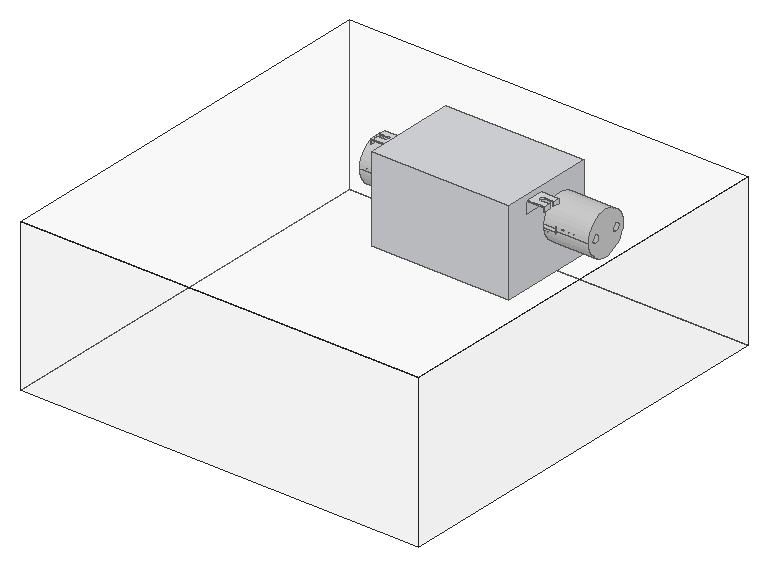
Revit family "cmr-mp100kt_60Hz", category 機械設備, Revit 2019
Family settings
  丸型コネクタ寸法 = 直径を使用
  パーツ タイプ = 標準
  OmniClass 番号 = 23.75.10.24.21.27.27
  OmniClass タイトル = Split System Air Conditioning Units
  作業面ベース = いいえ
  常に垂直 = はい
  ロード時にボイドで切り取り = いいえ
  共有 = いいえ
  部屋計算ポイント = はい
Parameters (values of type "CMR-MP100KT")
  音響パワーレベル(dB) = 0
  電圧_電気ヒーター = 0 V
  電動機出力_送風機 = 0 W
  運転質量 = 0.00 kg
  連動 = ""
  Description = ""
  設計暖房能力 [instance] = 0 W
  設計冷房能力_顕熱 [instance] = 0 W
  設計冷房能力 [instance] = 0 W
  設置方法 = "天井吊(隠ぺい)形"
  製造元 = "三菱電機株式会社"
  製品質量 = 5.00 kg
  製品出荷対象 = "国内"
  製品リリース年月 = "2024/9/30"
  製品グループ = ""
  系統 [instance] = ""
  相_電気ヒーター = 1
  盤記号 [instance] = ""
  特殊仕様 [instance] = ""
  火災停止 = ""
  消費電力_電気ヒーター = 0 W
  消費電力_暖房 = 1 W
  消費電力_加湿器 = 0 W
  消費電力_冷房 = 1 W
  消費電力 = if(消費電力_冷房 > 消費電力_暖房, 消費電力_冷房, 消費電力_暖房) + 消費電力_加湿器 + 消費電力_電気ヒーター  # 1 W
  法定耐用年数 = "15"
  極数 = 1
  材質 [instance] = ""
  最小電線太さ_mm2 = 2
  推奨ブレーカー容量 = 15 A
  形式_加湿器 = ""
  形式 = "天井吊（隠ぺい）形"
  幹線記号 [instance] = ""
  呼称 = "パッケージ形空気調和機_遮断弁キット"
  台数_手元リモコン [instance] = ""
  台数_冷媒分岐ユニット [instance] = ""
  参照している仕様書等のバージョン = "公共建築工事標準仕様書（機械設備工事編）平成31年度版"
  加湿給水管径 = 0 mm
  分類コード = "50053003390000"
  分類グループ = ""
  冷媒高低圧ガス管径 = 0 mm
  価格 = 0
  企業コード = "108420"
  付属品_フィルター = ""
  付属品 [instance] = ""
  仕様書バージョン = "Version1.0"
  モデル = "CMR-MP100KT"
  サービススペース = yes
  コメント [instance] = ""
  Keynote = ""
  Width = 324.00 mm
  Version = ""
  Uniclass2015Version = "Systems v1.9"
  Uniclass2015Title = "Split coil remote air cooled condensing units"
  Uniclass2015Code = "Pr_70_65_03_84"
  URL = "https://www.mitsubishielectric.co.jp/ldg/wink/ssl/displayProduct.do?pid=335460"
  SpecificationReference = ""
  SpecificationDescription = ""
  電源種別 = ""
  電圧 = 200 V
  質量 = if(製品質量 > 運転質量, 製品質量, 運転質量) * 1.2  # 6.00 kg
  負荷分類 = 10_ファンコイル類
  記号 [instance] = ""
  符号 = "PAC"
  積算_科目 = "1 空気調和設備"
  積算_拾い区分 [instance] = ""
  相 = 1
  発停方法 = ""
  点検口 = yes
  本体マテリアル = none
  有効加湿量 = 0
  始動方式 = "直入"
  周波数 = 60 Hz
  冷媒管径符号 = "Dd"
  冷媒管径 = 100 mm
  冷媒液管径 = 15.9 mm
  冷媒ガス管径 = 15.9 mm
  ドレン管径 = 0 mm
  ダクト径 = 0 mm
  Revision = ""
  ProductInformation = ""
  OmniClassCode = "23-33 17 13 11"
  IfcTypeProduct = ""
  IfcProduct = ""
  IfcExportType = "AIRCONDITIONINGUNIT"
  IfcExportAs = "IfcUnitaryEquipmentType"
  Height = 198.00 mm
  Depth = 220.00 mm
  Author = "三菱電機株式会社"
Reference planes
  plane 1 "中心(正面/背面)": y = 0
  plane 2: z = 0
  plane 3 "中心(左/右)": x = 0
  plane 4: y = -38
  plane 5: x = -185
  plane 6: x = 185
  plane 7: x = -470
  plane 8: x = 470
  plane 9: y = -310
  plane 10: y = -760
  plane 11: y = 210
  plane 12: x = -225
  plane 13: x = 225
  plane 14: z = 30
  plane 15: z = -328
Forms (mm)
  Extrusion 1, solid
    sketch origin (-270, 10, -109.06) x (0, 1, 0) y (0, 0, -1)
      loop
        circle (30, 7.94) r 50
    from 0 to -108
  Extrusion 2, solid
    sketch origin (270, 10, -77.06) x (0, -1, 0) y (0, 0, -1)
      loop
        circle (-30, 7.94) r 50
    from 0 to -108
Dimensions and locks
  aligned and locked: level to plane 2
  aligned and locked: plane 1 "中心(正面/背面)" to nested 1
  aligned and locked: plane 3 "中心(左/右)" to nested 1
  aligned and locked: nested 2 to plane 6
  aligned and locked: nested 2 to plane 4
  aligned and locked: nested 2 to plane 5
  aligned and locked: plane 14 to nested 3
  aligned and locked: nested 3 to plane 10
  aligned and locked: nested 3 to plane 8
  aligned and locked: nested 3 to plane 7
  aligned and locked: plane 11 to nested 3
  aligned and locked: plane 9 to nested 4
  aligned and locked: plane 10 to nested 4
  aligned and locked: plane 12 to nested 4
  aligned and locked: plane 13 to nested 4
  aligned and locked: plane 15 to nested 3
Nested families
  nested 1: "cmr-mp100kt" at (0, 0, 0), type "cmr-mp100kt", detail levels fine
  nested 2: "固定点" at (-185, -38, 0), type "固定点"
    with W 370.00 mm, D 1240.00 mm
  nested 3: "サービススペース" at (0, -275, -149), visible <- "サービススペース", type "サービススペース"
    with Width 940.00 mm, Height 358.00 mm, Depth 970.00 mm
  nested 4: "点検口設置範囲" at (0, -535, -308), visible <- "点検口", type "点検口設置範囲"
    with Width 450.00 mm, Depth 450.00 mm
Connectors
  electrical at (0, -110, -99), driven by "極数", driven by "負荷分類", driven by "電圧", driven by "消費電力"
    settings: on nested 1, index 1, voltage 200 V, apparent load 1 VA, apparent load phase1 0 VA, apparent load phase2 0 VA, apparent load phase3 0 VA, power factor 1, load classification "10_ファンコイル類", number of poles 1, system type 30, power factor state 1, is connector primary yes, connector utility no, sub classification motor no, connector description ""
  piping at (-270, 40, -117), diameter 100, driven by "冷媒管径符号", driven by "冷媒管径"
    settings: on Extrusion 1, index 2, connector inside diameter 609.6 mm, connector length 0.00 mm, flow factor 0, pipe flow 0.0 L/s, pressure drop 0.0 Pa, fitting loss kfactor 0, connector angle 0.00°, fixture units 0, engagement length 0.00 mm, angle of deflection 0.00°, flow configuration 1, flow direction 1, fitting loss method 4, system type 7, joint type 0, gender type 0, connector reference index -1, connector utility 0, adjustable connector no, is connector primary yes, connector description "Dd"
  piping at (270, 40, -85), diameter 100, driven by "冷媒管径符号", driven by "冷媒管径"
    settings: on Extrusion 2, index 3, connector inside diameter 609.6 mm, connector length 0.00 mm, flow factor 0, pipe flow 0.0 L/s, pressure drop 0.0 Pa, fitting loss kfactor 0, connector angle 0.00°, fixture units 0, engagement length 0.00 mm, angle of deflection 0.00°, flow configuration 1, flow direction 1, fitting loss method 4, system type 7, joint type 0, gender type 0, connector reference index -1, connector utility 0, adjustable connector no, is connector primary no, connector description "Dd"
Definition of nested family "cmr-mp100kt"
  Parameters (values of type "cmr-mp100kt")
    表示_ [instance] = yes
  Reference planes
    plane 1 "中心(正面/背面)": y = 0
    plane 2: z = 0
    plane 3 "中心(左/右)": x = 0
    plane 4: z = -198
    plane 5: y = 10
    plane 6: y = 70
    plane 7: z = -117
    plane 8: z = -85
    plane 9: x = -162
    plane 10: x = 162
    plane 11: y = -38
    plane 12: x = -185
    plane 13: x = 185
  Forms (mm)
    Extrusion 1, solid
      sketch origin (0, 0, 0) x (1, 0, 0) y (0, 1, 0)
        loop
          line (-162, -110) -> (162, -110) -> (162, 110) -> (-162, 110) -> (-162, -110)
      from 0 to -198
    Extrusion 2, solid, detail levels fine
      sketch origin (-162, -1524, 2214.315) x (0, 0, 1) y (0, -1, 0)
        loop
          circle (-2331.315, -1534) r 7.94
        loop
          circle (-2331.315, -1594) r 7.94
      from -108 to -30
    Extrusion 3, solid, detail levels fine
      sketch origin (-162, -1524, 2214.315) x (0, 0, 1) y (0, -1, 0)
        loop
          circle (-2331.315, -1594) r 20
        loop
          circle (-2331.315, -1534) r 20
      from -30 to 0
    Extrusion 4, solid, detail levels fine
      sketch origin (162, -1524, 2214.315) x (0, 0, 1) y (0, -1, 0)
        loop
          circle (-2299.315, -1534) r 20
        loop
          circle (-2299.315, -1594) r 20
      from 30 to 0
    Extrusion 5, solid, detail levels fine
      sketch origin (162, -1524, 2214.315) x (0, 0, 1) y (0, -1, 0)
        loop
          circle (-2299.315, -1534) r 7.94
        loop
          circle (-2299.315, -1594) r 7.94
      from 108 to 30
    Extrusion 6, solid, detail levels fine
      sketch origin (0, 0, 0) x (1, 0, 0) y (0, 1, 0)
        loop
          line (-162, 110) -> (-162, -110) -> (162, -110) -> (162, 110) -> (-162, 110)
      from 0 to -198
  Lines and regions (mm)
    model lines, not visible
      curve 1: line (460, 198.677, 1289.179) -> (460, 277.719, 1289.179)
      curve 2: line (460, 178.667, 1076.066) -> (460, 178.667, 1269.168)
      curve 3: line (460, 297.73, 1269.168) -> (460, 297.73, 1076.066)
      curve 4: line (460, 277.719, 1056.056) -> (460, 198.677, 1056.056)
      curve 5: arc (460, 178.667, 1269.168) -> (460, 184.528, 1283.318) -> (460, 198.677, 1289.179) r 20.011
      curve 6: arc (460, 277.719, 1289.179) -> (460, 291.869, 1283.318) -> (460, 297.73, 1269.168) r 20.011
      curve 7: arc (460, 198.677, 1056.056) -> (460, 184.528, 1061.917) -> (460, 178.667, 1076.066) r 20.011
      curve 8: arc (460, 277.719, 1056.056) -> (460, 291.869, 1061.917) -> (460, 297.73, 1076.066) r 20.011
  Dimensions and locks
    Extrusion 1 to Extrusion 1 = 220.00 mm
    Extrusion 1 to Extrusion 1 = 324.00 mm
    equal spacing: Extrusion 1, plane 3 "中心(左/右)", Extrusion 1
    equal spacing: Extrusion 1, plane 1 "中心(正面/背面)", Extrusion 1
    nested 1 to nested 2 = 370.00 mm
    Extrusion 1 to nested 2 = 72.00 mm
    aligned and locked: level to plane 2
    aligned and locked: plane 4 to Extrusion 1
    aligned and locked: plane 6 to Extrusion 2 sketch curve
    aligned and locked: plane 7 to Extrusion 2 sketch curve  (x2)
    aligned and locked: plane 5 to Extrusion 2 sketch curve
    aligned and locked: Extrusion 6 sketch curve to Extrusion 1  (x4)
    aligned and locked: Extrusion 6 to Extrusion 1  (x2)
  Automatic sketch dimensions
    plane 3 "中心(左/右)" to Extrusion 1 sketch curve = 162.00 mm
    Extrusion 1 sketch curve to plane 1 "中心(正面/背面)" = 110.00 mm
    Extrusion 1 sketch curve to plane 3 "中心(左/右)" = 162.00 mm
    plane 1 "中心(正面/背面)" to Extrusion 1 sketch curve = 110.00 mm
    Extrusion 3 sketch curve to plane 5 = 0.00 mm
    Extrusion 3 sketch curve to plane 7 = 0.00 mm  (x2)
    Extrusion 3 sketch curve to plane 6 = 0.00 mm
    Extrusion 4 sketch curve to plane 6 = 0.00 mm
    Extrusion 4 sketch curve to plane 8 = 0.00 mm  (x2)
    Extrusion 4 sketch curve to plane 5 = 0.00 mm
    Extrusion 5 sketch curve to plane 6 = 0.00 mm
    Extrusion 5 sketch curve to plane 8 = 0.00 mm  (x2)
    Extrusion 5 sketch curve to plane 5 = 0.00 mm
    radius of Extrusion 2 sketch curve = 7.94 mm  (x2)
    radius of Extrusion 3 sketch curve = 20.00 mm  (x2)
    radius of Extrusion 4 sketch curve = 20.00 mm  (x2)
    radius of Extrusion 5 sketch curve = 7.94 mm  (x2)
  Nested families
    nested 1: "attachment" at (-185, -38, -10), type "attachment", detail levels fine
    nested 2: "attachment" at (185, -38, -10) x (-1, 0, 0) z (0, 0, 1), type "attachment", detail levels fine
  Definition of nested family "attachment"
    Reference planes
      plane 1 "中心(正面/背面)": y = 0
      plane 2: z = 0
      plane 3 "中心(左/右)": x = 0
      plane 4: z = -30
      plane 5: x = -162
      plane 6: x = 162
      plane 7: z = -10
      plane 8: x = -18
      plane 9: z = -2
      plane 10: x = 23
    Forms (mm)
      Extrusion 1, solid
        sketch origin (2.5, 0, 0) x (1, 0, 0) y (0, 1, 0)
          loop
            line (-22.5, -20) -> (22.5, -20) -> (22.5, 20) -> (-22.5, 20) -> (-22.5, -20)
        from 0 to -30
      Extrusion 2, void
        sketch origin (0, 0, 0) x (1, 0, 0) y (0, 1, 0)
          loop
            arc (0, -6) -> (6, 0) -> (0, 6) r 6
            line (0, 6) -> (-20, 6) -> (-20, -6) -> (0, -6)
        from -30 to 0
      Extrusion 3, void
        sketch origin (0, 0, 0) x (-1, 0, 0) y (0, 0, 1)
          loop
            line (20, -10) -> (18, -10) -> (18, -30) -> (20, -30) -> (20, -10)
        from -20 to 20
      Extrusion 4, void
        sketch origin (0, 0, 0) x (-1, 0, 0) y (0, 0, 1)
          loop
            line (18, -2) -> (-23, -2) -> (-23, -30) -> (18, -30) -> (18, -2)
        from -20 to 20
    Cuts and joins
      Extrusion 2, Extrusion 3, Extrusion 4 cuts Extrusion 1
    Lines and regions (mm)
      model lines, not visible
        curve 1: line (460, 198.677, 1289.179) -> (460, 277.719, 1289.179)
        curve 2: line (460, 178.667, 1076.066) -> (460, 178.667, 1269.168)
        curve 3: line (460, 297.73, 1269.168) -> (460, 297.73, 1076.066)
        curve 4: line (460, 277.719, 1056.056) -> (460, 198.677, 1056.056)
        curve 5: arc (460, 178.667, 1269.168) -> (460, 184.528, 1283.318) -> (460, 198.677, 1289.179) r 20.011
        curve 6: arc (460, 277.719, 1289.179) -> (460, 291.869, 1283.318) -> (460, 297.73, 1269.168) r 20.011
        curve 7: arc (460, 198.677, 1056.056) -> (460, 184.528, 1061.917) -> (460, 178.667, 1076.066) r 20.011
        curve 8: arc (460, 277.719, 1056.056) -> (460, 291.869, 1061.917) -> (460, 297.73, 1076.066) r 20.011
    Dimensions and locks
      Extrusion 1 to Extrusion 1 = 40.00 mm
      Extrusion 1 to Extrusion 1 = 45.00 mm
      equal spacing: Extrusion 1, plane 1 "中心(正面/背面)", Extrusion 1
      aligned and locked: level to plane 2
      aligned and locked: plane 4 to Extrusion 1
    Automatic sketch dimensions
      plane 3 "中心(左/右)" to Extrusion 1 sketch curve = 25.00 mm
      Extrusion 1 sketch curve to plane 1 "中心(正面/背面)" = 20.00 mm
      Extrusion 1 sketch curve to plane 3 "中心(左/右)" = 20.00 mm
      plane 1 "中心(正面/背面)" to Extrusion 1 sketch curve = 20.00 mm
      plane 1 "中心(正面/背面)" to Extrusion 2 sketch curve = 6.00 mm
      Extrusion 2 sketch curve to plane 3 "中心(左/右)" = 20.00 mm
      plane 1 "中心(正面/背面)" to Extrusion 2 sketch curve = 0.00 mm
      Extrusion 2 sketch curve to plane 3 "中心(左/右)" = 0.00 mm
      Extrusion 3 sketch curve to plane 7 = 0.00 mm
      Extrusion 3 sketch curve to plane 8 = 0.00 mm
      Extrusion 3 sketch curve to plane 4 = 0.00 mm
      Extrusion 3 sketch curve to plane 8 = 2.00 mm
      Extrusion 4 sketch curve to plane 9 = 0.00 mm
      plane 10 to Extrusion 4 sketch curve = 0.00 mm
      Extrusion 4 sketch curve to plane 4 = 0.00 mm
      Extrusion 4 sketch curve to plane 8 = 0.00 mm
Definition of nested family "サービススペース"
  Parameters (values of type "サービススペース")
    Width [instance] = 500.00 mm
    Height [instance] = 500.00 mm
    Depth [instance] = 500.00 mm
  Reference planes
    plane 1 "中心(正面/背面)": y = 0
    plane 2: z = 0
    plane 3 "中心(左/右)": x = 0
    plane 4: y = -250
    plane 5: x = 250
    plane 6: y = 250
    plane 7: x = -250
    plane 8: z = 250
    plane 9: z = -250
  Forms (mm)
    Extrusion 1, solid
      sketch origin (-638.939, 0, 72.39) x (1, 0, 0) y (0, 1, 0)
        loop
          line (388.939, 250) -> (388.939, -250) -> (888.939, -250) -> (888.939, 250) -> (388.939, 250)
      from -322.39 to 177.61
  Lines and regions (mm)
    symbolic lines
      curve 1: line (-250, 0, 250) -> (250, 0, 250)
      curve 2: line (-250, 0, -250) -> (-250, 0, 250)
      curve 3: line (250, 0, -250) -> (-250, 0, -250)
      curve 4: line (250, 0, 250) -> (250, 0, -250)
      curve 5: line (0, -250, 250) -> (0, 250, 250)
      curve 6: line (0, -250, -250) -> (0, -250, 250)
      curve 7: line (0, 250, -250) -> (0, -250, -250)
      curve 8: line (0, 250, 250) -> (0, 250, -250)
      curve 9: line (-250, 250, 0) -> (250, 250, 0)
      curve 10: line (-250, -250, 0) -> (-250, 250, 0)
      curve 11: line (250, -250, 0) -> (-250, -250, 0)
      curve 12: line (250, 250, 0) -> (250, -250, 0)
  Dimensions and locks
    equal spacing: plane 7, plane 3 "中心(左/右)", plane 5
    equal spacing: plane 4, plane 1 "中心(正面/背面)", plane 6
    "Depth": plane 4 to plane 6
    "Width": plane 7 to plane 5
    equal spacing: plane 8, plane 2, plane 9
    "Height": plane 8 to plane 9
    aligned and locked: plane 9 to curve 3
    aligned and locked: plane 7 to curve 2
    aligned and locked: curve 4 to plane 5
    aligned and locked: plane 5 to Extrusion 1
    aligned and locked: Extrusion 1 to plane 7
    aligned and locked: Extrusion 1 to plane 9
    aligned and locked: plane 8 to Extrusion 1
    aligned and locked: plane 9 to curve 7
  Automatic sketch dimensions
    plane 4 to Extrusion 1 sketch curve = 0.00 mm
    Extrusion 1 sketch curve to plane 7 = 0.00 mm
    Extrusion 1 sketch curve to plane 5 = 0.00 mm
    plane 6 to Extrusion 1 sketch curve = 0.00 mm
    curve 2 to plane 8 = 0.00 mm
    plane 4 to curve 11 = 0.00 mm
    curve 11 to plane 7 = 0.00 mm
    curve 11 to plane 5 = 0.00 mm
    plane 6 to curve 10 = 0.00 mm
    curve 7 to plane 4 = 0.00 mm
    curve 7 to plane 6 = 0.00 mm
    curve 6 to plane 8 = 0.00 mm
Definition of nested family "固定点"
  Parameters (values of type "固定点")
    中心円 = 20.00 mm
    W [instance] = 1000.00 mm
    D [instance] = 1000.00 mm
  Reference planes
    plane 1 "中心(正面/背面)": y = 0
    plane 2: z = 0
    plane 3 "中心(左/右)": x = 0
    plane 4: x = 1000
  Lines and regions (mm)
    symbolic lines, detail levels fine
      curve 1: circle (0, 0, 0) r 10 normal (0, 0, 1)
      curve 2: circle (1000, 0, 0) r 10 normal (0, 0, 1)
      curve 3: line (-200, 0, 0) -> (1200, 0, 0)
  Dimensions and locks
    "W": plane 3 "中心(左/右)" to plane 4
    "中心円": diameter of curve 1
    "中心円": diameter of curve 2
    aligned and locked: level to plane 2
    aligned and locked: plane 3 "中心(左/右)" to curve 1
    aligned and locked: plane 1 "中心(正面/背面)" to curve 1
    aligned and locked: plane 1 "中心(正面/背面)" to curve 2
    aligned and locked: plane 4 to curve 2
    aligned and locked: plane 1 "中心(正面/背面)" to curve 3
  Automatic sketch dimensions
    curve 3 to plane 3 "中心(左/右)" = 200.00 mm
    curve 2 to curve 3 = 200.00 mm
Definition of nested family "点検口設置範囲"
  Parameters (values of type "点検口設置範囲")
    Width [instance] = 1000.00 mm
    Depth [instance] = 700.00 mm
  Reference planes
    plane 1 "中心(正面/背面)": y = 0
    plane 2: z = 0
    plane 3 "中心(左/右)": x = 0
    plane 4: x = -500
    plane 5: x = 500
    plane 6: y = -350
    plane 7: y = 350
  Lines and regions (mm)
    model lines
      curve 1: line (-500, 350, 0) -> (500, 350, 0)
      curve 2: line (-500, -350, 0) -> (-500, 350, 0)
      curve 3: line (500, -350, 0) -> (-500, -350, 0)
      curve 4: line (500, 350, 0) -> (500, -350, 0)
  Dimensions and locks
    "Depth": plane 7 to plane 6
    "Width": plane 4 to plane 5
    equal spacing: plane 7, plane 1 "中心(正面/背面)", plane 6
    equal spacing: plane 4, plane 3 "中心(左/右)", plane 5
    aligned and locked: level to plane 2
    aligned and locked: plane 4 to curve 2
    aligned and locked: curve 1 to plane 7
    aligned and locked: curve 4 to plane 5
    aligned and locked: plane 6 to curve 3
